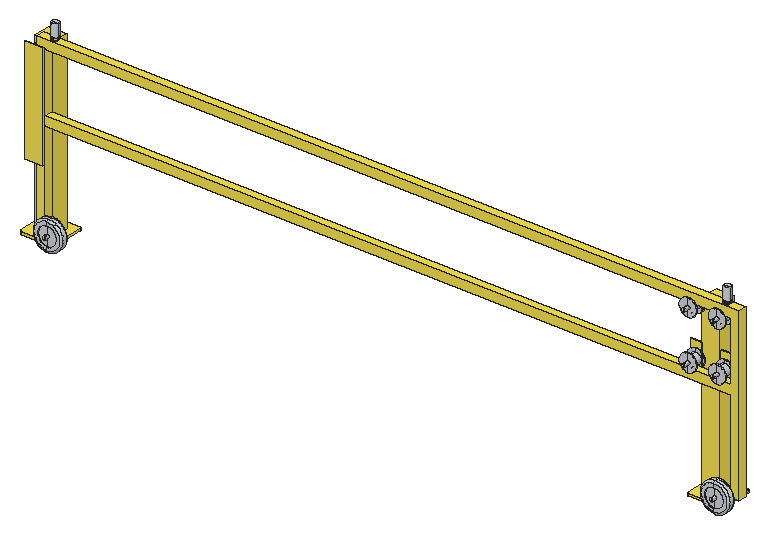
Revit family "Safety-Railing_DockGate_SafetyRail_Roller-Gate", category Railings, Revit 2026
Family settings
  Classification Number = 23.30.80.11
  Cut with Voids When Loaded = No
  Shared = No
Parameters (values of type "12 ft")
  Warranty Duration (Years) = 0
  Unit Length = 12' - 10"
  Unit Height = 3' - 6 1/2"
  URL = "http://www.safetyrailcompany.com/"
  Test Data = ""
  Standards Conformance = "as Specified"
  Specification = "http://www.arcat.com/sdspecs/htm04/05_52_00src.htm"
  SpecWizard = "http://www.arcat.com/specwizard/05522src/index04.htm"
  Send Message = ""
  Sales Information = "http://www.safetyrailcompany.com/contact-us/"
  Revision = "R1_2017-08"
  Product Properties = "http://www.safetyrailcompany.com/e-brochure/"
  Product Data = "http://www.arcat.com/arcatcos/cos47/arc47628.html"
  Post OD = 0' - 4 3/32"
  Model = "Dock Roller Gate"
  Manufacturer Website = "http://www.safetyrailcompany.com/"
  Manufacturer Phone - Toll Free = "888-434-2720"
  Manufacturer Phone = ""
  Manufacturer Fax = "888-471-4931"
  Manufacturer Address = "4244 Shoreline Dr.  Spring Park, MN 55384"
  Manufacturer = "Safety Rail Company"
  Maintenance Schedule (Months) = 0
  built-in parameter 1001306 [instance] = 2' - 0"
  Keynote = "05 52 00"
  Installation-Fabrication = ""
  Installation Phase = ""
  Include Toeboard [instance] = yes
  Include Midrail [instance] = yes
  Green Building-LEED = "http://www.arcat.com/green/clients/leed_data_47628.html"
  GateOpenAmount [instance] = 0' - 0"
  Gate Length = 13' - 4"
  Fixture Finish [instance] = SafetyRail - Powder Coat - Safety Yellow
  Expected Lifespan (Years) = 0
  Drawn By = "Sumex Design, Inc. / Robert S. Weygant, CSI, CDT, SCIP"
  Description = "Safety Rail Company Loading Dock Roller Safety Gate - as Specified"
  Copyright = "©Arcat Inc."
  Construction Details = "http://www.arcat.com/details/safrail/safrail.html?coid=47628"
  Clear Opening Width = 12' - 0"
  Building Codes = ""
Types (9): name | Unit Length | Gate Length | Clear Opening Width
  12 ft | 12' - 10" | 13' - 4" | 12' - 0"
  11 ft | 11' - 10" | 12' - 4" | 11' - 0"
  10 ft | 10' - 10" | 11' - 4" | 10' - 0"
  9 ft | 9' - 10" | 10' - 4" | 9' - 0"
  8 ft | 8' - 10" | 9' - 4" | 8' - 0"
  7 ft | 7' - 10" | 8' - 4" | 7' - 0"
  6 ft | 6' - 10" | 7' - 4" | 6' - 0"
  5 ft | 5' - 10" | 6' - 4" | 5' - 0"
  4 ft | 4' - 10" | 5' - 4" | 4' - 0"
Reference planes (in)
  plane 1 "Center (Front/Back)": y = 0
  plane 2: z = 0
  plane 3 "Left": x = 0
  plane 4 "Right": x = 24
  plane 5: x = 154
  plane 6: z = 42.5
  plane 7: x = 1.25
  plane 8: x = 1.25
  plane 9: x = 150.64063
  plane 10: x = 157.35938
Forms (in)
  Extrusion 1, solid, material "SafetyRail - Powder Coat - Safety Yellow" <- "Fixture Finish"
    sketch origin (0, 0, 0) x (1, 0, 0) y (0, 1, 0)
      loop
        line (3.5, 4) -> (-3.5, 4)
        arc (-3.5, 4) -> (-3.85355, 3.85355) -> (-4, 3.5) r 0.5
        line (-4, 3.5) -> (-4, -3.5)
        arc (-4, -3.5) -> (-3.85355, -3.85355) -> (-3.5, -4) r 0.5
        line (-3.5, -4) -> (3.5, -4)
        arc (3.5, -4) -> (3.85355, -3.85355) -> (4, -3.5) r 0.5
        line (4, -3.5) -> (4, 3.5)
        arc (4, 3.5) -> (3.85355, 3.85355) -> (3.5, 4) r 0.5
      loop
        line (157.5, 4) -> (150.5, 4)
        arc (150.5, 4) -> (150.14645, 3.85355) -> (150, 3.5) r 0.5
        line (150, 3.5) -> (150, -3.5)
        arc (150, -3.5) -> (150.14645, -3.85355) -> (150.5, -4) r 0.5
        line (150.5, -4) -> (157.5, -4)
        arc (157.5, -4) -> (157.85355, -3.85355) -> (158, -3.5) r 0.5
        line (158, -3.5) -> (158, 3.5)
        arc (158, 3.5) -> (157.85355, 3.85355) -> (157.5, 4) r 0.5
    from 0 to 0.5
  Extrusion 2, solid, material "SafetyRail - Powder Coat - Safety Yellow" <- "Fixture Finish"
    sketch origin (0, 0, 0) x (1, 0, 0) y (0, 1, 0)
      loop
        line (-2.04687, -2.04688) -> (2.04688, -2.04688) -> (2.04688, 2.04687) -> (-2.04687, 2.04687) -> (-2.04687, -2.04688)
      loop
        line (151.95313, -2.04688) -> (156.04688, -2.04688) -> (156.04688, 2.04687) -> (151.95313, 2.04687) -> (151.95313, -2.04688)
    from 0 to 40.8125
  Extrusion 3, solid, material "SafetyRail - Powder Coat - Safety Yellow" <- "Fixture Finish"
    sketch origin (-17.50915, -180, 42.5) x (-1, 0, 0) y (0, -1, 0)
      loop
        line (-15.46228, -175.45312) -> (-15.46228, -175.20312) -> (-19.55603, -175.20312) -> (-19.55603, -175.45312) -> (-17.63415, -175.45312) -> (-17.63415, -177.95312) -> (-17.38415, -177.95312) -> (-17.38415, -175.45312) -> (-15.46228, -175.45312)
    from -26 to -1.6875
  Extrusion 4, solid, material "SafetyRail - Powder Coat - Safety Yellow" <- "Fixture Finish"
    sketch origin (0, 0, 0) x (1, 0, 0) y (0, 0, 1)
      loop
        line (151.95313, 31.375) -> (149.32813, 31.375) -> (149.32813, 24.375) -> (151.95313, 24.375) -> (151.95313, 31.375)
      loop
        line (156.04688, 31.375) -> (156.04688, 24.375) -> (158.67188, 24.375) -> (158.67188, 31.375) -> (156.04688, 31.375)
      loop
        line (151.95313, 40.8125) -> (149.32813, 40.8125) -> (149.32813, 37.8125) -> (151.95313, 37.8125) -> (151.95313, 40.8125)
      loop
        line (158.67188, 40.8125) -> (156.04688, 40.8125) -> (156.04688, 37.8125) -> (158.67188, 37.8125) -> (158.67188, 40.8125)
    from 2.04688 to 1.76485
  Revolve 5, solid
    sketch origin (150.64063, -180, 30.5) x (0, 0, -1) y (0, -1, 0)
      loop
        line (-9.99337, -175.625) -> (-9.99337, -177.73974) -> (-10.8125, -177.73974) -> (-10.8125, -177.89599) -> (-9.3125, -177.89599) -> (-9.3125, -179.77728) -> (-8.8125, -179.77728) -> (-8.8125, -174.21875) -> (-9.1883, -174.21875) -> (-9.1883, -175.46875) -> (-10.8125, -175.46875) -> (-10.8125, -175.625) -> (-9.99337, -175.625)
      axis (-8.8125, -179.77728) -> (-8.8125, -174.21875)
    angle from 0 to 360
  Revolve 6, solid
    sketch origin (157.35938, -180, 37.8125) x (0, 0, -1) y (0, -1, 0)
      loop
        line (-2.68087, -175.625) -> (-2.68087, -177.73974) -> (-3.5, -177.73974) -> (-3.5, -177.89599) -> (-2, -177.89599) -> (-2, -179.77728) -> (-1.5, -179.77728) -> (-1.5, -174.21875) -> (-1.8758, -174.21875) -> (-1.8758, -175.46875) -> (-3.5, -175.46875) -> (-3.5, -175.625) -> (-2.68087, -175.625)
      axis (-1.5, -179.77728) -> (-1.5, -174.21875)
    angle from 0 to 360
  Revolve 7, solid
    sketch origin (150.64063, -180, 32.8125) x (0, 0, -1) y (0, -1, 0)
      loop
        line (3.75663, -175.625) -> (3.75663, -177.73974) -> (2.9375, -177.73974) -> (2.9375, -177.89599) -> (4.4375, -177.89599) -> (4.4375, -179.77728) -> (4.9375, -179.77728) -> (4.9375, -174.21875) -> (4.5617, -174.21875) -> (4.5617, -175.46875) -> (2.9375, -175.46875) -> (2.9375, -175.625) -> (3.75663, -175.625)
      axis (4.9375, -179.77728) -> (4.9375, -174.21875)
    angle from 0 to 360
  Revolve 8, solid
    sketch origin (157.35938, -180, 26.375) x (0, 0, -1) y (0, -1, 0)
      loop
        line (-2.68087, -175.625) -> (-2.68087, -177.73974) -> (-3.5, -177.73974) -> (-3.5, -177.89599) -> (-2, -177.89599) -> (-2, -179.77728) -> (-1.5, -179.77728) -> (-1.5, -174.21875) -> (-1.8758, -174.21875) -> (-1.8758, -175.46875) -> (-3.5, -175.46875) -> (-3.5, -175.625) -> (-2.68087, -175.625)
      axis (-1.5, -179.77728) -> (-1.5, -174.21875)
    angle from 0 to 360
Lines and regions (in)
  reference lines
    curve 1: line (0, 0, 0) -> (24, 0, 0)
Dimensions and locks (in)
  "built-in parameter 1001306": plane 3 "Left" to plane 4 "Right"
  "Unit Length": plane 5 to plane 3 "Left"
  "Unit Height": plane 6 to level
  Extrusion 1 sketch curve to Extrusion 1 sketch curve to plane 5 to Extrusion 1 sketch curve to Extrusion 1 sketch curve = 0' - 0 1/2" locked, 0' - 3 1/2" locked, 0' - 3 1/2" locked, 0' - 0 1/2" locked
  Extrusion 1 sketch curve to Extrusion 1 sketch curve to plane 3 "Left" to Extrusion 1 sketch curve to Extrusion 1 sketch curve = 0' - 0 1/2" locked, 0' - 3 1/2" locked, 0' - 3 1/2" locked, 0' - 0 1/2" locked
  Extrusion 2 sketch curve to plane 3 "Left" to Extrusion 2 sketch curve = 0' - 2 3/64" locked, 0' - 2 3/64" locked
  Extrusion 2 sketch curve to plane 5 to Extrusion 2 sketch curve = 0' - 2 3/64" locked, 0' - 2 3/64" locked
  locked: plane 3 "Left" to plane 7 at 1.25
  "GateOpenAmount": plane 7 to plane 8
  plane 9 to plane 5 to plane 10 = 0' - 3 23/64" locked, 0' - 3 23/64" locked
  aligned and locked: plane 4 "Right" to curve 1
  aligned and locked: plane 1 "Center (Front/Back)" to curve 1
  aligned and locked: plane 3 "Left" to curve 1
  aligned and locked: nested 1 to plane 8
Automatic sketch dimensions
  Extrusion 1 sketch curve to Extrusion 1 sketch curve = 0' - 0 1/2"  (x2)
  plane 9 to Extrusion 1 sketch curve = 0' - 0 9/64"
  Extrusion 1 sketch curve to plane 10 = 0' - 0 9/64"
  plane 1 "Center (Front/Back)" to Extrusion 1 sketch curve = 0' - 4"  (x2)
  Extrusion 1 sketch curve to plane 1 "Center (Front/Back)" = 0' - 3 1/2"  (x2)
  plane 1 "Center (Front/Back)" to Extrusion 2 sketch curve = 0' - 2 3/64"  (x2)
  Extrusion 2 sketch curve to plane 1 "Center (Front/Back)" = 0' - 2 3/64"  (x2)
  Extrusion 3 sketch curve to plane 7 = 0' - 0 51/64"
  plane 3 "Left" to Extrusion 3 sketch curve = 0' - 0 1/8"
  Extrusion 3 sketch curve to plane 3 "Left" = 0' - 0 1/8"
  Extrusion 3 sketch curve to Extrusion 3 sketch curve = 0' - 1 59/64"
  plane 1 "Center (Front/Back)" to Extrusion 3 sketch curve = 0' - 2 3/64"
  Extrusion 3 sketch curve to Extrusion 3 sketch curve = 0' - 2 1/2"
  Extrusion 3 sketch curve to Extrusion 3 sketch curve = 0' - 0"
  Extrusion 3 sketch curve to Extrusion 3 sketch curve = 0' - 0 1/4"
  plane 9 to Extrusion 4 sketch curve = 0' - 1 5/16"  (x2)
  Extrusion 4 sketch curve to plane 9 = 0' - 1 5/16"  (x2)
  plane 10 to Extrusion 4 sketch curve = 0' - 1 5/16"  (x2)
  Extrusion 4 sketch curve to plane 10 = 0' - 1 5/16"  (x2)
  Extrusion 4 sketch curve to plane 6 = 1' - 6 1/8"
  Extrusion 4 sketch curve to Extrusion 4 sketch curve = 0' - 0"  (x3)
  Extrusion 4 sketch curve to Extrusion 4 sketch curve = 0' - 7"
  Extrusion 4 sketch curve to plane 6 = 0' - 4 11/16"
  Extrusion 4 sketch curve to plane 6 = 0' - 1 11/16"  (x2)
  Revolve 5 sketch curve to plane 6 = 0' - 1 3/16"  (x2)
  Revolve 5 sketch curve to Revolve 5 sketch curve = 0' - 0.81913"
  Revolve 5 sketch curve to Revolve 5 sketch curve = 0' - 0.68087"
  Revolve 5 sketch curve to Revolve 5 sketch curve = 0' - 0.80506"
  Revolve 5 sketch curve to Revolve 5 sketch curve = 0' - 0.3758"
  plane 1 "Center (Front/Back)" to Revolve 5 sketch curve = 0' - 0.22272"
  Revolve 5 sketch curve to Revolve 5 sketch curve = 0' - 1.88129"
  Revolve 5 sketch curve to Revolve 5 sketch curve = 0' - 0 5/32"  (x2)
  Revolve 5 sketch curve to Revolve 5 sketch curve = 0' - 2.11474"
  Revolve 5 sketch curve to Revolve 5 sketch curve = 0' - 1 1/4"
  Revolve 5 sketch curve to Revolve 5 sketch curve = 0' - 0"
  Revolve 5 sketch curve to Revolve 5 sketch curve = 0' - 0.05714"
  Revolve 5 sketch curve to Revolve 5 sketch curve = 0' - 1 49/64"
  Revolve 6 sketch curve to plane 6 = 0' - 1 3/16"  (x2)
  Revolve 6 sketch curve to Revolve 6 sketch curve = 0' - 0.81913"
  Revolve 6 sketch curve to Revolve 6 sketch curve = 0' - 0.68087"
  Revolve 6 sketch curve to Revolve 6 sketch curve = 0' - 0.80506"
  Revolve 6 sketch curve to Revolve 6 sketch curve = 0' - 0.3758"
  plane 1 "Center (Front/Back)" to Revolve 6 sketch curve = 0' - 0.22272"
  Revolve 6 sketch curve to Revolve 6 sketch curve = 0' - 1.88129"
  Revolve 6 sketch curve to Revolve 6 sketch curve = 0' - 0 5/32"  (x2)
  Revolve 6 sketch curve to Revolve 6 sketch curve = 0' - 2.11474"
  Revolve 6 sketch curve to Revolve 6 sketch curve = 0' - 1 1/4"
  Revolve 6 sketch curve to Revolve 6 sketch curve = 0' - 0"
  Revolve 6 sketch curve to Revolve 6 sketch curve = 0' - 0.05714"
  Revolve 6 sketch curve to Revolve 6 sketch curve = 0' - 1 49/64"
  plane 1 "Center (Front/Back)" to Revolve 7 sketch curve = 0' - 2.26026"
  Revolve 7 sketch curve to plane 6 = 1' - 0 5/8"
  Revolve 7 sketch curve to Revolve 7 sketch curve = 0' - 0"  (x2)
  Revolve 7 sketch curve to Revolve 7 sketch curve = 0' - 0.81913"
  Revolve 7 sketch curve to Revolve 7 sketch curve = 0' - 0.68087"
  Revolve 7 sketch curve to Revolve 7 sketch curve = 0' - 0.80506"
  Revolve 7 sketch curve to Revolve 7 sketch curve = 0' - 0.3758"
  Revolve 7 sketch curve to Revolve 7 sketch curve = 0' - 0 5/32"  (x2)
  plane 1 "Center (Front/Back)" to Revolve 7 sketch curve = 0' - 0.22272"
  Revolve 7 sketch curve to Revolve 7 sketch curve = 0' - 2.11474"
  Revolve 7 sketch curve to Revolve 7 sketch curve = 0' - 1 1/4"
  Revolve 7 sketch curve to Revolve 7 sketch curve = 0' - 0.05714"
  Revolve 7 sketch curve to Revolve 7 sketch curve = 0' - 1 49/64"
  plane 1 "Center (Front/Back)" to Revolve 8 sketch curve = 0' - 2.26026"
  Revolve 8 sketch curve to plane 6 = 1' - 0 5/8"
  Revolve 8 sketch curve to Revolve 8 sketch curve = 0' - 0"  (x2)
  Revolve 8 sketch curve to Revolve 8 sketch curve = 0' - 0.81913"
  Revolve 8 sketch curve to Revolve 8 sketch curve = 0' - 0.68087"
  Revolve 8 sketch curve to Revolve 8 sketch curve = 0' - 0.80506"
  Revolve 8 sketch curve to Revolve 8 sketch curve = 0' - 0.3758"
  Revolve 8 sketch curve to Revolve 8 sketch curve = 0' - 0 5/32"  (x2)
  plane 1 "Center (Front/Back)" to Revolve 8 sketch curve = 0' - 0.22272"
  Revolve 8 sketch curve to Revolve 8 sketch curve = 0' - 2.11474"
  Revolve 8 sketch curve to Revolve 8 sketch curve = 0' - 1 1/4"
  Revolve 8 sketch curve to Revolve 8 sketch curve = 0' - 0.05714"
  Revolve 8 sketch curve to Revolve 8 sketch curve = 0' - 1 49/64"
Nested families (in)
  nested 1: "Family1" at (1.25, -3.3125, 0), length <- "Gate Length", finish <- "Fixture Finish", type "Family1"
    with length 13' - 4", finish SafetyRail - Powder Coat - Safety Yellow
Definition of nested family "Family1"
  Parameters
    length [instance] = 3' - 3.57411"
    finish [instance] = none
    Default Elevation = 4' - 0"
  Reference planes (in)
    plane 1 "Center (Front/Back)": y = 0
    plane 2: z = 0
    plane 3 "Center (Left/Right)": x = 0
    plane 4: x = 39.57411
    plane 5: x = 3.09375
    plane 6: x = 36.48036
  Forms (in)
    Extrusion 1, solid, material <- "finish"
      sketch origin (0, 0, 0) x (1, 0, 0) y (0, 1, 0)
        loop
          line (-1, -1) -> (1, -1) -> (1, 1) -> (-1, 1) -> (-1, -1)
        loop
          line (38.57411, -1) -> (40.57411, -1) -> (40.57411, 1) -> (38.57411, 1) -> (38.57411, -1)
      from 3.375 to 42.5
    Extrusion 2, solid, material <- "finish"
      sketch origin (0, 0, 0) x (0, 1, 0) y (0, 0, 1)
        loop
          line (-1, 42.5) -> (-1, 40.5) -> (1, 40.5) -> (1, 42.5) -> (-1, 42.5)
        loop
          line (-1, 26.625) -> (-1, 24.625) -> (1, 24.625) -> (1, 26.625) -> (-1, 26.625)
      from 0 to 39.57411
    Revolve 3, solid
      sketch origin (0, 0, 0) x (1, 0, 0) y (0, 0, 1)
        loop
          line (2.5, 42.5) -> (2.5, 46.125) -> (1.75, 46.125) -> (1.75, 43.27344) -> (1.68865, 43.27344) -> (1.68865, 43.22608) -> (1.85412, 43.13055) -> (1.85412, 42.84553) -> (1.68865, 42.75) -> (2, 42.75) -> (2, 42.5) -> (2.5, 42.5)
        axis (2.5, 42.5) -> (2.5, 46.125)
      angle from 0 to 360
    Revolve 4, solid
      sketch origin (33, 0, 0) x (1, 0, 0) y (0, 0, 1)
        loop
          line (4.07411, 42.5) -> (4.07411, 46.125) -> (3.32411, 46.125) -> (3.32411, 43.27344) -> (3.26276, 43.27344) -> (3.26276, 43.22608) -> (3.42823, 43.13055) -> (3.42823, 42.84553) -> (3.26276, 42.75) -> (3.57411, 42.75) -> (3.57411, 42.5) -> (4.07411, 42.5)
        axis (4.07411, 42.5) -> (4.07411, 46.125)
      angle from 0 to 360
    Revolve 5, solid
      sketch origin (3.09375, -180, 6.75) x (0, 0, -1) y (0, -1, 0)
        loop
          line (1.1875, -176.96465) -> (0.375, -176.96465)
          arc (0.375, -176.96465) -> (0.10983, -177.07449) -> (0, -177.33965) r 0.375
          line (0, -177.33965) -> (0, -178.27715)
          arc (0, -178.27715) -> (0.10983, -178.54232) -> (0.375, -178.65215) r 0.375
          line (0.375, -178.65215) -> (1.1875, -178.65215) -> (1.1875, -178.52715) -> (3.375, -178.52715) -> (3.375, -176.21465) -> (3.01345, -176.21465) -> (3.01345, -177.08965) -> (1.1875, -177.08965) -> (1.1875, -176.96465)
        axis (3.375, -178.65215) -> (3.375, -176.21465)
      angle from 0 to 360
    Revolve 6, solid
      sketch origin (36.48036, -180, 6.75) x (0, 0, -1) y (0, -1, 0)
        loop
          line (1.1875, -176.96465) -> (0.375, -176.96465)
          arc (0.375, -176.96465) -> (0.10983, -177.07449) -> (0, -177.33965) r 0.375
          line (0, -177.33965) -> (0, -178.27715)
          arc (0, -178.27715) -> (0.10983, -178.54232) -> (0.375, -178.65215) r 0.375
          line (0.375, -178.65215) -> (1.1875, -178.65215) -> (1.1875, -178.52715) -> (3.375, -178.52715) -> (3.375, -176.21465) -> (3.01345, -176.21465) -> (3.01345, -177.08965) -> (1.1875, -177.08965) -> (1.1875, -176.96465)
        axis (3.375, -178.65215) -> (3.375, -176.21465)
      angle from 0 to 360
    Extrusion 7, solid, material <- "finish"
      sketch origin (0, 0, 0) x (0, 1, 0) y (0, 0, 1)
        loop
          line (-1.34785, 3.875) -> (-1.34785, 2.875) -> (0.65215, 2.875) -> (0.65215, 3.875) -> (-1.34785, 3.875)
      from 1 to 3.67441
    Extrusion 8, solid, material <- "finish"
      sketch origin (39.57411, 10.25426, 48) x (0, 1, 0) y (0, 0, 1)
        loop
          line (-11.60211, -44.125) -> (-11.60211, -45.125) -> (-9.60211, -45.125) -> (-9.60211, -44.125) -> (-11.60211, -44.125)
      from -3.73977 to -1
  Cuts and joins
    joined: Extrusion 1, Extrusion 2
  Dimensions and locks (in)
    "length": plane 3 "Center (Left/Right)" to plane 4
    Extrusion 1 sketch curve to plane 4 to Extrusion 1 sketch curve = 0' - 1" locked, 0' - 1" locked
    Extrusion 1 sketch curve to plane 3 "Center (Left/Right)" to Extrusion 1 sketch curve = 0' - 1" locked, 0' - 1" locked
    locked: plane 4 to Revolve 4 sketch curve at 2.5
    locked: plane 5 to plane 3 "Center (Left/Right)" at 3.09375
    locked: plane 4 to plane 6 at 3.09375
    aligned and locked: plane 2 to level
    aligned and locked: plane 4 to Extrusion 2
  Automatic sketch dimensions
    plane 1 "Center (Front/Back)" to Extrusion 1 sketch curve = 0' - 1"  (x2)
    Extrusion 1 sketch curve to plane 1 "Center (Front/Back)" = 0' - 1"  (x2)
    plane 1 "Center (Front/Back)" to Extrusion 2 sketch curve = 0' - 1"  (x2)
    Extrusion 2 sketch curve to plane 1 "Center (Front/Back)" = 0' - 1"  (x2)
    level to Extrusion 2 sketch curve = 2' - 0 5/8"
    Extrusion 2 sketch curve to Extrusion 2 sketch curve = 0' - 2"  (x2)
    Extrusion 2 sketch curve to Extrusion 2 sketch curve = 1' - 1 7/8"
    plane 5 to Revolve 3 sketch curve = 0' - 1.4051"
    Revolve 3 sketch curve to Revolve 3 sketch curve = 0' - 0"  (x2)
    plane 5 to Revolve 3 sketch curve = 0' - 1 11/32"
    Revolve 3 sketch curve to Revolve 3 sketch curve = 0' - 0.16547"
    Revolve 3 sketch curve to Revolve 3 sketch curve = 0' - 0.14588"
    plane 5 to Revolve 3 sketch curve = 0' - 0 19/32"  (x2)
    level to Revolve 3 sketch curve = 3' - 6 1/2"
    Revolve 3 sketch curve to Revolve 3 sketch curve = 0' - 0 1/4"
    Revolve 3 sketch curve to Revolve 3 sketch curve = 0' - 0.09553"  (x2)
    Revolve 3 sketch curve to Revolve 3 sketch curve = 0' - 0.28502"
    Revolve 3 sketch curve to Revolve 3 sketch curve = 0' - 0.04735"
    Revolve 3 sketch curve to Revolve 3 sketch curve = 0' - 2 109/128"
    Revolve 3 sketch curve to Revolve 3 sketch curve = 0' - 3 7/8"
    Revolve 4 sketch curve to Revolve 4 sketch curve = 0' - 0"  (x2)
    Revolve 4 sketch curve to plane 6 = 0' - 0 3/32"
    plane 6 to Revolve 4 sketch curve = 0' - 0.05213"
    plane 6 to Revolve 4 sketch curve = 0' - 0 5/32"
    Revolve 4 sketch curve to Revolve 4 sketch curve = 0' - 0.06135"
    Revolve 4 sketch curve to Revolve 4 sketch curve = 0' - 0.16547"
    level to Revolve 4 sketch curve = 3' - 6 1/2"
    Revolve 4 sketch curve to Revolve 4 sketch curve = 0' - 0 1/4"
    Revolve 4 sketch curve to Revolve 4 sketch curve = 0' - 0.09553"  (x2)
    Revolve 4 sketch curve to Revolve 4 sketch curve = 0' - 0.28502"
    Revolve 4 sketch curve to Revolve 4 sketch curve = 0' - 0.04735"
    Revolve 4 sketch curve to Revolve 4 sketch curve = 0' - 2 109/128"
    Revolve 4 sketch curve to Revolve 4 sketch curve = 0' - 3 7/8"
    plane 1 "Center (Front/Back)" to Revolve 5 sketch curve = 0' - 1.72285"
    level to Revolve 5 sketch curve = 0' - 6 3/4"
    Revolve 5 sketch curve to Revolve 5 sketch curve = 0' - 0 3/8"  (x2)
    Revolve 5 sketch curve to Revolve 5 sketch curve = 0' - 0 13/16"  (x2)
    Revolve 5 sketch curve to Revolve 5 sketch curve = 0' - 1.82595"
    Revolve 5 sketch curve to Revolve 5 sketch curve = 0' - 0.36155"
    plane 1 "Center (Front/Back)" to Revolve 5 sketch curve = 0' - 1.47285"
    Revolve 5 sketch curve to Revolve 5 sketch curve = 0' - 0 15/16"
    Revolve 5 sketch curve to Revolve 5 sketch curve = 0' - 1 7/16"
    Revolve 5 sketch curve to Revolve 5 sketch curve = 0' - 0 7/8"
    level to Revolve 5 sketch curve = 0' - 3 3/8"
    Revolve 5 sketch curve to Revolve 5 sketch curve = 0' - 0 1/8"
    Revolve 5 sketch curve to Revolve 5 sketch curve = 0' - 3 1/2"
    plane 1 "Center (Front/Back)" to Revolve 6 sketch curve = 0' - 1.72285"
    level to Revolve 6 sketch curve = 0' - 6 3/4"
    Revolve 6 sketch curve to Revolve 6 sketch curve = 0' - 0 3/8"  (x2)
    Revolve 6 sketch curve to Revolve 6 sketch curve = 0' - 0 13/16"  (x2)
    Revolve 6 sketch curve to Revolve 6 sketch curve = 0' - 1.82595"
    Revolve 6 sketch curve to Revolve 6 sketch curve = 0' - 0.36155"
    plane 1 "Center (Front/Back)" to Revolve 6 sketch curve = 0' - 1.47285"
    Revolve 6 sketch curve to Revolve 6 sketch curve = 0' - 0 15/16"
    Revolve 6 sketch curve to Revolve 6 sketch curve = 0' - 1 7/16"
    Revolve 6 sketch curve to Revolve 6 sketch curve = 0' - 0 7/8"
    level to Revolve 6 sketch curve = 0' - 3 3/8"
    Revolve 6 sketch curve to Revolve 6 sketch curve = 0' - 0 1/8"
    Revolve 6 sketch curve to Revolve 6 sketch curve = 0' - 3 1/2"
    plane 1 "Center (Front/Back)" to Extrusion 7 sketch curve = 0' - 1.34785"
    Extrusion 7 sketch curve to plane 1 "Center (Front/Back)" = 0' - 0.65215"
    level to Extrusion 7 sketch curve = 0' - 2 7/8"
    Extrusion 7 sketch curve to Extrusion 7 sketch curve = 0' - 1"
    plane 1 "Center (Front/Back)" to Extrusion 8 sketch curve = 0' - 1.34785"
    Extrusion 8 sketch curve to plane 1 "Center (Front/Back)" = 0' - 0.65215"
    level to Extrusion 8 sketch curve = 0' - 2 7/8"
    Extrusion 8 sketch curve to Extrusion 8 sketch curve = 0' - 1"
